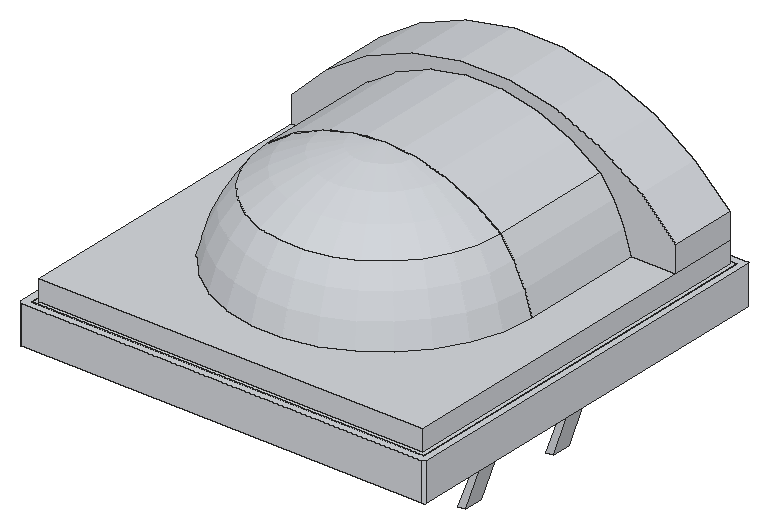
Revit family "Gira_5376600", category Electrical Fixtures, host Face, Revit 2017
Family settings
  Host = Face
  Maintain Annotation Orientation = Yes
  Round Connector Dimension = Use Diameter
  Part Type = Normal
  Cut with Voids When Loaded = No
  Shared = No
  Room Calculation Point = No
Parameters (values of type "S3000 Beweg.m.aufs. 2,20 m Komfort BT System 55 Edelstahl(lack.)")
  Werkstoffgüte = "sonstige"
  Werkstoff = "sonstige"
  Vernetzbar = "No"
  Unterkriechschutz/Rückfeldüberwachung = "No"
  URL = "http://katalog.gira.de/de_DE/datenblatt.html?artikelnr=5376600"
  Treppenhausüberwachung = "Yes"
  Tierschneise = "No"
  Region = "DE"
  Name = "S3000 Beweg.m.aufs. 2,20 m Komfort BT System 55 Edelstahl(lack.)"
  Montagehöhe = "2,2 m"
  Montageart = "unter Putz"
  Min. Einschaltdauer = "10 s"
  Max. Reichweite zu einer Seite = "6 m"
  Max. Reichweite frontal = "12 m"
  Max. Einschaltdauer = "1800 s"
  Manufacturer URL = "https://www.gira.de/"
  Konstantlichtregelung = "No"
  Keynote = "Bewegungsmelder_2,20m"
  HeinzeBIM = "https://bimportal.heinze.de/bim/s3000-beweg-m-aufs-2-20-m-komfort-bt-system-55-edelstahl-lack-/74f51df8dca41e5d1dd38af066bb651e61765dc2"
  Halogenfrei = "No"
  HLK-Ansteuerung = "No"
  HAN = "5376600"
  Geeignet für drahtlose Übertragung = "No"
  Geeignet für Schutzart (IP) = "IP20"
  GTIN = "4010337050674"
  Farbe = "edelstahl"
  Erfassungswinkel horizontal = "1 - 180"
  Default Elevation = 1219.2 mm
  Data sheet (1) = "https://katalog.gira.de/de_DE/download.html?artikelnr=5376600"
  Category = "Bewegungsmelder-Sensor"
  Available = "Yes"
  Ausführung = "Bewegungsmelder"
  Ansprechhelligkeit einstellbar = "No"
  Ansprechempfindlichkeit einstellbar = "Yes"
  Abdimmfunktion mit Dimmeinsatz = "Yes"
Reference planes
  plane 1 "Center (Front/Back)": y = 0
  plane 2: z = 0
  plane 3 "Center (Left/Right)": x = 0
Forms (mm)
  Extrusion 1, solid, detail levels fine
    sketch origin (0, 0, 0) x (1, 0, 0) y (0, 0, 1)
      loop
        line (-33.25, 14.602) -> (-33.25, 10.1) -> (33.25, 10.1) -> (33.25, 14.602)
        arc (33.25, 14.602) -> (0, 30.256) -> (-33.25, 14.602) r 43.139
    from -33.25 to -21.609
  Extrusion 2, solid, detail levels fine
    sketch origin (0, 0, 0) x (1, 0, 0) y (0, 1, 0)
      loop
        line (-33.25, 33.25) -> (-33.25, -33.25) -> (33.25, -33.25) -> (33.25, 33.25) -> (-33.25, 33.25)
    from 6.6 to 10.1
  Extrusion 3, solid, detail levels fine
    sketch origin (0, 0, 0) x (1, 0, 0) y (0, 0, 1)
      loop
        arc (20.138, 21.225) -> (0, 28.457) -> (-20.138, 21.225) r 31.652
        arc (-20.138, 21.225) -> (-23.48, 15.984) -> (-25.486, 10.1) r 26.053
        line (-25.486, 10.1) -> (25.486, 10.1)
        arc (25.486, 10.1) -> (23.48, 15.984) -> (20.138, 21.225) r 26.053
    from -21.609 to 0
  Revolve 4, solid, detail levels fine
    sketch origin (0, 0, 0) x (1, 0, 0) y (0, 0, 1)
      loop
        arc (0, 28.457) -> (-10.699, 26.594) -> (-20.138, 21.225) r 31.652
        arc (-20.138, 21.225) -> (-23.48, 15.984) -> (-25.486, 10.1) r 26.053
        line (-25.486, 10.1) -> (0, 10.1) -> (0, 28.457)
      axis (0, 28.457) -> (0, 10.1)
    angle from -180 to 0
  Extrusion 5, solid, detail levels fine
    sketch origin (0, 0, 0) x (1, 0, 0) y (0, 1, 0)
      loop
        spline (-34.7, 35.2) -> (-34.765, 35.196) -> (-34.829, 35.183) -> (-34.891, 35.162) -> (-34.95, 35.133) -> (-35.004, 35.097) -> (-35.054, 35.054) -> (-35.097, 35.004) -> (-35.133, 34.95) -> (-35.162, 34.891) -> (-35.183, 34.829) -> (-35.196, 34.765) -> (-35.2, 34.7)
        line (-35.2, 34.7) -> (-35.2, -34.7)
        spline (-35.2, -34.7) -> (-35.196, -34.765) -> (-35.183, -34.829) -> (-35.162, -34.891) -> (-35.133, -34.95) -> (-35.097, -35.004) -> (-35.054, -35.054) -> (-35.004, -35.097) -> (-34.95, -35.133) -> (-34.891, -35.162) -> (-34.829, -35.183) -> (-34.765, -35.196) -> (-34.7, -35.2)
        line (-34.7, -35.2) -> (34.7, -35.2)
        spline (34.7, -35.2) -> (34.765, -35.196) -> (34.829, -35.183) -> (34.891, -35.162) -> (34.95, -35.133) -> (35.004, -35.097) -> (35.054, -35.054) -> (35.097, -35.004) -> (35.133, -34.95) -> (35.162, -34.891) -> (35.183, -34.829) -> (35.196, -34.765) -> (35.2, -34.7)
        line (35.2, -34.7) -> (35.2, 34.7)
        spline (35.2, 34.7) -> (35.196, 34.765) -> (35.183, 34.829) -> (35.162, 34.891) -> (35.133, 34.95) -> (35.097, 35.004) -> (35.054, 35.054) -> (35.004, 35.097) -> (34.95, 35.133) -> (34.891, 35.162) -> (34.829, 35.183) -> (34.765, 35.196) -> (34.7, 35.2)
        line (34.7, 35.2) -> (-34.7, 35.2)
      loop
        line (-33.986, 33.986) -> (-33.986, -33.986) -> (33.986, -33.986) -> (33.986, 33.986) -> (-33.986, 33.986)
    from 0 to 6.6
  Extrusion 6, solid, detail levels fine
    sketch origin (0, 0, 0) x (1, 0, 0) y (0, 1, 0)
      loop
        line (-33.986, 33.986) -> (-33.986, -33.986) -> (33.986, -33.986) -> (33.986, 33.986) -> (-33.986, 33.986)
    from 5 to 6.6
  Extrusion 7, solid
    sketch origin (0, 0, 0) x (1, 0, 0) y (0, 1, 0)
      loop
        line (-23.656, 22.752) -> (-23.656, -22.748)
        arc (-23.656, -22.748) -> (-23.409, -23.369) -> (-22.801, -23.65) r 0.904
        line (-22.801, -23.65) -> (22.796, -23.65)
        arc (22.796, -23.65) -> (23.404, -23.369) -> (23.656, -22.748) r 0.904
        line (23.656, -22.748) -> (23.652, 22.752)
        arc (23.652, 22.752) -> (23.404, 23.374) -> (22.796, 23.655) r 0.904
        line (22.796, 23.655) -> (-22.801, 23.655)
        arc (-22.801, 23.655) -> (-23.409, 23.374) -> (-23.656, 22.752) r 0.904
    from -3.2 to 5
  Extrusion 8, solid, detail levels fine
    sketch origin (0, 0, 0) x (1, 0, 0) y (0, 1, 0)
      loop
        line (-27.334, -25) -> (-26.366, -25) -> (-26.366, 26.298) -> (26.366, 26.298) -> (26.366, -25) -> (27.334, -25) -> (27.334, 27.402) -> (-27.334, 27.402) -> (-27.334, -25)
    from -1.1 to 5
  Extrusion 9, solid, detail levels fine
    sketch origin (0, 0, 0) x (1, 0, 0) y (0, 1, 0)
      loop
        line (-5.141, 20.682) -> (-5.141, 15.098)
        spline (-5.141, 15.098) -> (-5.133, 14.968) -> (-5.107, 14.84) -> (-5.065, 14.716) -> (-5.007, 14.599) -> (-4.935, 14.49) -> (-4.849, 14.391) -> (-4.75, 14.305) -> (-4.641, 14.233) -> (-4.524, 14.175) -> (-4.4, 14.133) -> (-4.272, 14.107) -> (-4.142, 14.099)
        line (-4.142, 14.099) -> (4.142, 14.099)
        spline (4.142, 14.099) -> (4.272, 14.107) -> (4.4, 14.133) -> (4.524, 14.175) -> (4.641, 14.233) -> (4.75, 14.305) -> (4.849, 14.391) -> (4.935, 14.49) -> (5.007, 14.599) -> (5.065, 14.716) -> (5.107, 14.84) -> (5.133, 14.968) -> (5.141, 15.098)
        line (5.141, 15.098) -> (5.141, 20.682)
        spline (5.141, 20.682) -> (5.133, 20.812) -> (5.107, 20.94) -> (5.065, 21.064) -> (5.007, 21.181) -> (4.935, 21.29) -> (4.849, 21.389) -> (4.75, 21.475) -> (4.641, 21.547) -> (4.524, 21.605) -> (4.4, 21.647) -> (4.272, 21.673) -> (4.142, 21.681)
        line (4.142, 21.681) -> (-4.142, 21.681)
        spline (-4.142, 21.681) -> (-4.272, 21.673) -> (-4.4, 21.647) -> (-4.524, 21.605) -> (-4.641, 21.547) -> (-4.75, 21.475) -> (-4.849, 21.389) -> (-4.935, 21.29) -> (-5.007, 21.181) -> (-5.065, 21.064) -> (-5.107, 20.94) -> (-5.133, 20.812) -> (-5.141, 20.682)
    from -19.6 to -3.2
  Extrusion 10, solid, detail levels fine
    sketch origin (0, 0, 0) x (1, 0, 0) y (0, 0, 1)
      loop
        line (-24.966, -3.825) -> (-25.395, -8.726) -> (-23.048, -15.543) -> (-21.665, -15.713) -> (-24.338, -8.563) -> (-23.422, -1.1) -> (-25.014, -1.1) -> (-24.966, -3.825)
      loop
        line (24.966, -3.825) -> (25.014, -1.1) -> (23.422, -1.1) -> (24.338, -8.563) -> (21.665, -15.713) -> (23.048, -15.543) -> (25.395, -8.726) -> (24.966, -3.825)
    from -11.1 to -7.9
  Extrusion 11, solid, detail levels fine
    sketch origin (0, 0, 0) x (1, 0, 0) y (0, 0, -1)
      loop
        line (-24.966, 3.825) -> (-25.014, 1.1) -> (-23.422, 1.1) -> (-24.338, 8.563) -> (-21.665, 15.713) -> (-23.048, 15.543) -> (-25.395, 8.726) -> (-24.966, 3.825)
      loop
        line (24.966, 3.825) -> (25.395, 8.726) -> (23.048, 15.543) -> (21.665, 15.713) -> (24.338, 8.563) -> (23.422, 1.1) -> (25.014, 1.1) -> (24.966, 3.825)
    from -11.1 to -7.9
  Extrusion 12, solid
    sketch origin (0, 0, 0) x (1, 0, 0) y (0, 1, 0)
      loop
        line (-23.656, 22.752) -> (-23.656, -22.748)
        arc (-23.656, -22.748) -> (-23.409, -23.369) -> (-22.801, -23.65) r 0.904
        line (-22.801, -23.65) -> (22.796, -23.65)
        arc (22.796, -23.65) -> (23.404, -23.369) -> (23.656, -22.748) r 0.904
        line (23.656, -22.748) -> (23.652, 22.752)
        arc (23.652, 22.752) -> (23.404, 23.374) -> (22.796, 23.655) r 0.904
        line (22.796, 23.655) -> (-22.801, 23.655)
        arc (-22.801, 23.655) -> (-23.409, 23.374) -> (-23.656, 22.752) r 0.904
    from -3.2 to 5
  Extrusion 13, solid, detail levels medium
    sketch origin (0, 0, 0) x (1, 0, 0) y (0, 1, 0)
      loop
        line (-35.2, 35.2) -> (-35.2, -35.2) -> (35.2, -35.2) -> (35.2, 35.2) -> (-35.2, 35.2)
    from 0 to 6.6
  Extrusion 14, solid, detail levels medium
    sketch origin (0, 0, 0) x (1, 0, 0) y (0, 1, 0)
      loop
        line (-33.25, 33.25) -> (-33.25, -33.25) -> (33.25, -33.25) -> (33.25, 33.25) -> (-33.25, 33.25)
    from 6.6 to 30.256
  Extrusion 15, solid, detail levels medium
    sketch origin (0, 0, 0) x (1, 0, 0) y (0, 1, 0)
      loop
        line (-23.656, 23.655) -> (-23.656, -23.65) -> (23.656, -23.65) -> (23.656, 23.655) -> (-23.656, 23.655)
    from -3.2 to 5
  Extrusion 16, solid, detail levels medium
    sketch origin (0, 0, 0) x (1, 0, 0) y (0, 0, 1)
      loop
        line (-25.014, -1.1) -> (-25.014, -15.713) -> (-21.665, -15.713) -> (-21.665, -1.1) -> (-25.014, -1.1)
      loop
        line (25.014, -1.1) -> (21.665, -1.1) -> (21.665, -15.713) -> (25.014, -15.713) -> (25.014, -1.1)
    from -11.1 to -7.9
  Extrusion 17, solid, detail levels medium
    sketch origin (0, 0, 0) x (1, 0, 0) y (0, 0, -1)
      loop
        line (-25.014, 1.1) -> (-21.665, 1.1) -> (-21.665, 15.713) -> (-25.014, 15.713) -> (-25.014, 1.1)
      loop
        line (25.014, 1.1) -> (25.014, 15.713) -> (21.665, 15.713) -> (21.665, 1.1) -> (25.014, 1.1)
    from -11.1 to -7.9
  Extrusion 18, solid, detail levels medium
    sketch origin (0, 0, 0) x (1, 0, 0) y (0, 1, 0)
      loop
        line (-5.141, 14.099) -> (5.141, 14.099) -> (5.141, 21.681) -> (-5.141, 21.681) -> (-5.141, 14.099)
    from -19.6 to -3.2
  Extrusion 19, solid, detail levels coarse
    sketch origin (0, 0, 0) x (1, 0, 0) y (0, 1, 0)
      loop
        line (-35.2, 35.2) -> (-35.2, -35.2) -> (35.2, -35.2) -> (35.2, 35.2) -> (-35.2, 35.2)
    from -19.6 to 30.256
Dimensions and locks
  aligned and locked: plane 2 to host face
  aligned and locked: level to host face
  aligned and locked: nested 1 to plane 3 "Center (Left/Right)"
  aligned and locked: plane 1 "Center (Front/Back)" to nested 1
Nested families
  nested 1: "Belegungssensor - Bewegung - Aufputz - Beschriftung" at (0, 0, 0) x (0, -1, 0) z (0, 0, 1), type "Belegungssensor - Bewegung - Aufputz - Beschriftung"
Connectors
  electrical at (0, 0, -19.6)
    settings: on Extrusion 19, index 1, voltage 220 V, apparent load 0 VA, apparent load phase1 0 VA, apparent load phase2 0 VA, apparent load phase3 0 VA, power factor 1, load classification "Other", number of poles 1, system type 30, power factor state 1, is connector primary yes, connector utility no, sub classification motor no, connector description ""
Definition of nested family "Belegungssensor - Bewegung - Aufputz - Beschriftung"
  Reference planes
    plane 1: y = 0
    plane 2: x = 0
  Lines and regions (mm)
    Filled region 1, type "Gefüllter Bereich 1"
      outline origin (143.425, -20.712, 0) x (1, 0, 0) y (0, 1, 0)
        loop
          line (-148.697, 21.204) -> (-148.697, 20.409) -> (-147.583, 20.807) -> (-148.697, 21.204)
    Filled region 2, type "Gefüllter Bereich 1"
      outline origin (141.808, 30.001, 0) x (0.939693, 0.34202, 0) y (-0.34202, 0.939693, 0)
        loop
          line (-148.694, 21.203) -> (-148.694, 20.41) -> (-147.583, 20.807) -> (-148.694, 21.203)
    Filled region 3, type "Gefüllter Bereich 1"
      outline origin (141.819, -29.825, 0) x (-0.34202, -0.939693, 0) y (0.939693, -0.34202, 0)
        loop
          line (21.204, -148.697) -> (20.807, -147.583) -> (20.409, -148.697) -> (21.204, -148.697)
    detail lines
      curve 1: line (-1.207, 0.095, 0) -> (-3.486, 1.411, 0)
      curve 2: line (-1.207, 0.095, 0) -> (-3.486, -1.221, 0)
      curve 5: arc (-3.252, 1.752, 0) -> (-3.839, 0.095, 0) -> (-3.252, -1.562, 0) r 2.632
      curve 6: line (-6, 3, 0) -> (0, 3, 0)
      curve 7: line (-6, -3, 0) -> (-6, 3, 0)
      curve 8: line (0, -3, 0) -> (-6, -3, 0)
      curve 9: line (0, 3, 0) -> (0, -3, 0)
    reference lines
      curve 3: line (-1.207, 0.095, 0) -> (-3.616, 2.046, 0)
      curve 4: line (-1.207, 0.095, 0) -> (-3.616, -1.856, 0)
  Dimensions and locks
    curve 1 to curve 1 = 2.632 mm
    curve 2 to curve 2 = 2.632 mm
    curve 6 to curve 8 = 6 mm
    curve 7 to curve 9 = 6 mm
    angle curve 1 to curve 2 = 60.00°
    aligned and locked: curve 6 to curve 7
    aligned and locked: curve 9 to curve 9
